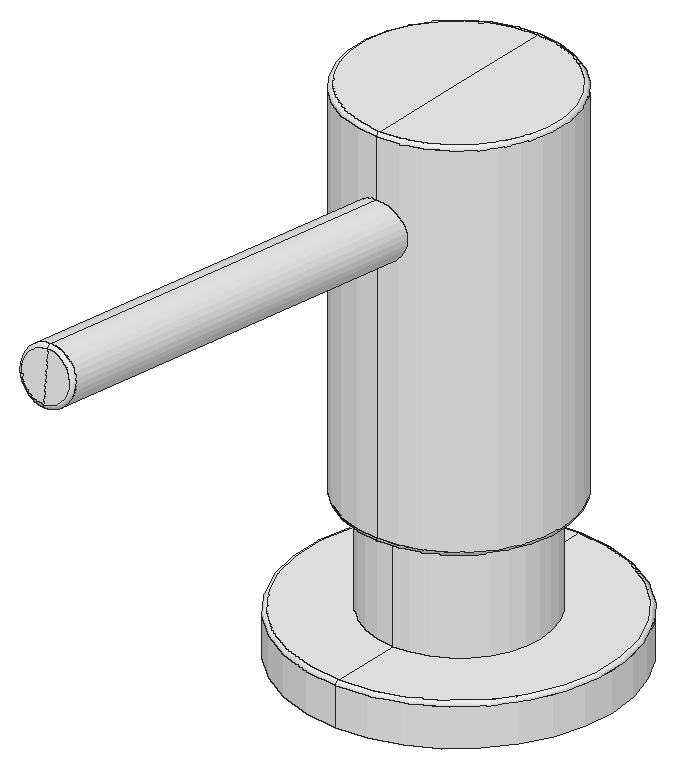
Revit family "Soap_Dispenser-Grohe-Cosmopolitan-40535_Series", category Specialty Equipment, Revit 2018
Family settings
  Round Connector Dimension = Use Diameter
  Part Type = Normal
  OmniClass Number = 23.40.20.21.34
  OmniClass Title = Soap Holders, Dispensers
  Work Plane-Based = Yes
  Always vertical = No
  Cut with Voids When Loaded = No
  Shared = Yes
  Room Calculation Point = No
Parameters (values of type "40535000")
  Width = 1 3/4"  # constant formula
  URL = "https://www.grohe.us/en_us/"
  Revised Date = "04/12/2021"  # constant formula
  Product Page URL = "https://www.grohe.us/Soap-Dispensers/Cosmopolitan-Soap-Dispenser/GROHE-CHROME-40535000"
  Price = "Prices may vary. Please consult Manufacturer Representative for most up-to-date price list."  # constant formula
  Model = "40535000"
  Material = "Metal-Grohe-000-Chrome"
  Manufacturer = "Grohe"  # constant formula
  Length = 3"  # constant formula
  Height = 2 15/16"  # constant formula
  Finish = Metal-Grohe-000-Chrome
  Description = "Cosmopolitan Soap Dispenser"  # constant formula
  Default Elevation = 0"
  Creation Date = "09/05/2019"  # constant formula
  Assembly Code = "E2020200"
Types (6): name | Product Page URL | Model | Material | Finish
  (no name) | "https://www.grohe.us/Soap-Dispensers/Cosmopolitan-Soap-Dispenser/GROHE-CHROME-40535000" | "40535000" | "Metal-Grohe-000-Chrome" | Metal-Grohe-000-Chrome
  40535A00 | "https://www.grohe.us/en_us/cosmopolitan-soap-dispenser-40535A00.html" | "40535A00" | "Metal-Grohe-A00-Hard Graphite" | Metal-Grohe-A00-Hard Graphite
  40535BE0 | "https://www.grohe.us/en_us/cosmopolitan-soap-dispenser-40535BE0.html" | "40535BE0" | "Metal-Grohe-BE0-Polished Nickel" | Metal-Grohe-BE0-Polished Nickel
  40535GN0 | "https://www.grohe.us/en_us/cosmopolitan-soap-dispenser-40535GN0.html" | "40535GN0" | "Metal-Grohe-GN0-Brushed Cool Sunset" | Metal-Grohe-GN0-Brushed Cool Sunset
  40535000 | "https://www.grohe.us/Soap-Dispensers/Cosmopolitan-Soap-Dispenser/GROHE-CHROME-40535000" | "40535000" | "Metal-Grohe-000-Chrome" | Metal-Grohe-000-Chrome
  40535DC0 | "https://www.grohe.us/Soap-Dispensers/Cosmopolitan-Soap-Dispenser/GROHE-SUPERSTEEL-40535DC0" | "40535DC0" | "Metal-Grohe-BE0-Polished Nickel" | Metal-Grohe-BE0-Polished Nickel
Reference planes (in)
  plane 1 "Center (Front/Back)": y = 0
  plane 2: z = 0
  plane 3 "Center (Left/Right)": x = 0
  plane 4: x = 0.625
  plane 5: x = -0.625
  plane 6: x = 0.5625
  plane 7: x = -0.5625
  plane 8: y = -0.88583
  plane 9: y = 0.88583
  plane 10: y = -3
  plane 11: z = 2.9375
Forms (in)
  Revolve 1, solid, material "Metal-Grohe-000-Chrome" <- "Finish"
    sketch origin (0, 0, 0) x (0, 1, 0) y (0, 0, 1)
      loop
        line (-0.47244, 0.23622) -> (-0.86614, 0.23622)
        arc (-0.86614, 0.23622) -> (-0.88006, 0.23045) -> (-0.88583, 0.21654) r 0.01969
        line (-0.88583, 0.21654) -> (-0.88583, 0) -> (0, 0) -> (0, 2.9375) -> (-0.56962, 2.9375)
        arc (-0.56962, 2.9375) -> (-0.58442, 2.93137) -> (-0.59055, 2.91656) r 0.02094
        line (-0.59055, 2.91656) -> (-0.59055, 0.84677)
        arc (-0.59055, 0.84677) -> (-0.58469, 0.83263) -> (-0.57055, 0.82677) r 0.02
        line (-0.57055, 0.82677) -> (-0.47244, 0.82677) -> (-0.47244, 0.23622)
      axis (0, 2.9375) -> (0, 0)
    angle from 0 to 360
  Revolve 2, solid, material "Metal-Grohe-000-Chrome" <- "Finish"
    sketch origin (0, -0.30322, 0.20836) x (0, 0.991343, 0.131294) y (0, -0.131294, 0.991343)
      loop
        line (-2.31704, 2.84788) -> (-2.35165, 2.7145)
        arc (-2.35165, 2.7145) -> (-2.34956, 2.69958) -> (-2.33753, 2.69051) r 0.01969
        line (-2.33753, 2.69051) -> (0.36273, 1.98994) -> (0.4017, 2.14014) -> (-2.31704, 2.84788)
      axis (-2.31704, 2.84788) -> (0.40228, 2.14237)
    angle from 0 to 360
Cuts and joins
  joined: Revolve 1, Revolve 2
Lines and regions (in)
  Masking region 1
    outline origin (0, 0, 0) x (1, 0, 0) y (0, 1, 0)
      loop
        arc (0.15722, -0.87176) -> (0, 0.88583) -> (-0.15722, -0.87176) r 0.88583
        line (-0.15722, -0.87176) -> (-0.15722, -2.95573)
        arc (-0.15722, -2.95573) -> (-0.1484, -2.97277) -> (-0.13079, -2.98038) r 0.02854
        arc (-0.13079, -2.98038) -> (0, -2.99145) -> (0.13079, -2.98038) r 0.77782
        arc (0.13079, -2.98038) -> (0.1484, -2.97277) -> (0.15722, -2.95573) r 0.02854
        line (0.15722, -2.95573) -> (0.15722, -0.87176)
  symbolic lines, detail levels medium+fine
    curve 1: circle (0, 0, 0) r 0.59027 normal (0, 0, 1)
    curve 2: line (0.15722, -0.87176, 0) -> (0.15722, -0.56895, 0)
    curve 3: line (-0.15722, -0.87176, 0) -> (-0.15722, -0.56895, 0)
Dimensions and locks (in)
  plane 5 to plane 4 = 1 1/4"
  plane 7 to plane 6 = 1 1/8"
  plane 11 to plane 2 = 2 15/16"
  plane 9 to plane 8 = 1.77165"
  plane 1 "Center (Front/Back)" to plane 10 = 3"
